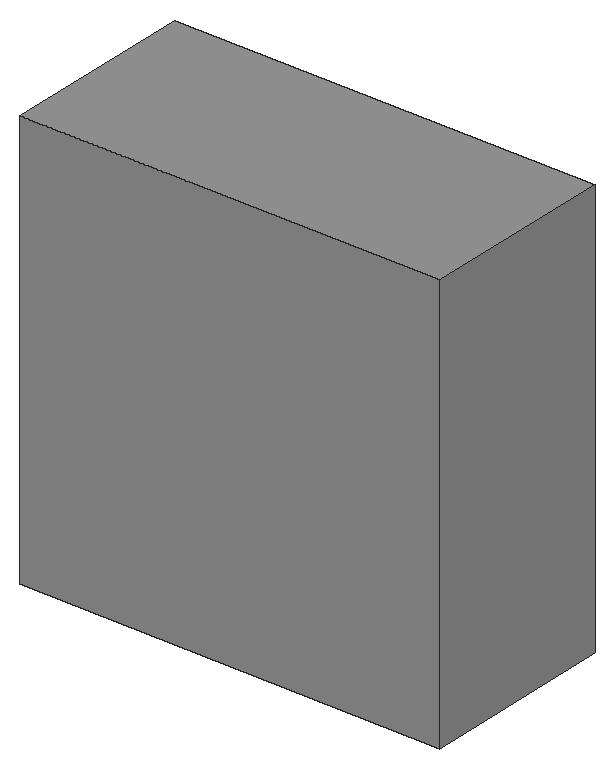
Revit family "BM_Druckknopfmelder_V1700", category Brandmelder, Revit 2017
Family settings
  Beschriftungsausrichtung beibehalten = Nein
  Bemaßung runder Anschluss = Durchmesser verwenden
  Teiletyp = Normal
  OmniClass-Nummer = 23.80.00.00
  OmniClass-Titel = Electric Power and Lighting
  Arbeitsebenenbasiert = Nein
  Immer vertikal = Ja
  Beim Laden mit Abzugskörper schneiden = Ja
  Gemeinsam genutzt = Nein
  Raumberechnungspunkt = Nein
Parameters (values of type "Druckknopfmelder_BM")
  pbr_Material_KZ = ""
  pbr_Material = none
  pbr_E_Typ = ""
  pbr_E_KZ = ""
  pbr_DINBild = 0
  pbr_Bild = 0
  pbr_3Dx_Delta_Korrekturversatz [instance] = 0 mm
  pbr_3DX_Versatzfaktor [instance] = 0
  pbr_2DY_Versatzfaktor [instance] = 0
  pbr_2DX_Versatzfaktor [instance] = 0
  lfd_STRK [instance] = 0
  Zentrale [instance] = ""
  Winkel [instance] = 0.00°
  Typ [instance] = ""
  Tiefe = 37 mm
  Text3 [instance] = ""
  Text2 [instance] = ""
  Text1 [instance] = ""
  Spannung [instance] = 0
  Scheinleistung [instance] = 0 VA
  Polig [instance] = 1
  Planungsbüro Osnabrück = "www.pbr.de"
  Netzart = ""
  Nennstrom [instance] = 0
  Menge (Dosenzahl) [instance] = 1
  Loop [instance] = ""
  Linie/Anschluss [instance] = ""
  Leistungsfaktor [instance] = 0
  Lastklassifizierung = none
  Installationsart = ""
  Info [instance] = ""
  Gewerk [instance] = "Brandmelder"
  Druckknopfmelder (RWA) = no
  Druckknopfmelder (BMA) = yes
  Länge = Breite  # 80 mm
  Eckversatz [instance] = 0 mm
  YFrontversatz [instance] = if(pbr_2DY_Versatzfaktor = 300, 0 mm, pbr_2DY_Versatzfaktor * 300 mm)  # 0 mm
  XSeitenversatz [instance] = if(pbr_2DX_Versatzfaktor = 0, 3000 mm, 3000 mm + (pbr_2DX_Versatzfaktor * 300 mm)) + Eckversatz  # 3000 mm
  X3Dversatz [instance] = if([3DX_Versatzkontrolle] = 0, 2000 mm, 2000 mm + ([3DX_Versatzkontrolle] * (300 mm - Breite))) + pbr_3Dx_Delta_Korrekturversatz  # 2000 mm
  Niveau [instance] = 1200 mm
  Bus [instance] = ""
  Breite = 80 mm
  Betriebsstrom ruhe [instance] = 0
  Betriebsstrom max [instance] = 0
  3DX_Versatzkontrolle [instance] = if(pbr_3DX_Versatzfaktor = 0, (pbr_2DX_Versatzfaktor * -1), (((-1 * pbr_3DX_Versatzfaktor) + pbr_2DX_Versatzfaktor) * -1))  # 0
Types (2, lengths in mm): name | Gewerk | Druckknopfmelder (RWA) | Druckknopfmelder (BMA)
  Druckknopfmelder_RWA | "RWA" | yes | no
  Druckknopfmelder_BM | "Brandmelder" | no | yes
Reference planes
  plane 1 "Mitte (Vorne/Hinten)": y = 0
  plane 2: z = 0
  plane 3 "Mitte (Links/Rechts)": x = 22.5
  plane 4: x = -127.5
  plane 5: x = 172.5
  plane 6: y = 300
  plane 7 "Schalterhinten": y = 0
  plane 8: x = -2977.5
  plane 9: x = 22.5
  plane 10: x = -1977.5
  plane 11: x = -17.5
  plane 12: x = 62.5
  plane 13: z = 1240
  plane 14: z = 1160
  plane 15 "SchalterVorne": y = 37
  plane 16 "3DMitte": x = 22.5
  plane 17 "Achse": z = 1200
  plane 18: z = 1197.5
  plane 19: z = 1202.5
  plane 20 "2DMitte": y = 150
Forms (mm)
  Extrusion 1, solid, material "Stahl, Edelstahl"
    sketch origin (0, 20, 0) x (0, 0, 1) y (-1, 0, 0)
      loop
        line (1160, 17.5) -> (1160, -62.5) -> (1240, -62.5) -> (1240, 17.5) -> (1160, 17.5)
    from -17 to 20
Dimensions and locks
  locked: plane 6 to plane 7 "Schalterhinten" at 300
  "XSeitenversatz": plane 8 to plane 9
  plane 8 to plane 3 "Mitte (Links/Rechts)" = 3000 mm
  "YFrontversatz": plane 1 "Mitte (Vorne/Hinten)" to plane 7 "Schalterhinten"
  "Breite": plane 12 to plane 11
  "Länge": plane 13 to plane 14
  plane 9 to plane 10 = 2000 mm
  equal spacing: plane 12, plane 16 "3DMitte", plane 11
  "X3Dversatz": plane 16 "3DMitte" to plane 10
  equal spacing: plane 13, plane 17 "Achse", plane 14
  "Niveau": plane 17 "Achse" to level
  "Tiefe": plane 15 "SchalterVorne" to plane 1 "Mitte (Vorne/Hinten)"
  plane 13 to plane 18 = 42.5 mm
  plane 19 to plane 14 = 42.5 mm
  equal spacing: plane 4, plane 9, plane 5, locked at 150 each
  locked: plane 4 to plane 5 at 300
  equal spacing: plane 6, plane 20 "2DMitte", plane 7 "Schalterhinten", locked at 150 each
  aligned and locked: level to plane 2
  aligned and locked: Extrusion 1 sketch curve to plane 14
  aligned and locked: Extrusion 1 sketch curve to plane 11
  aligned and locked: Extrusion 1 sketch curve to plane 13
  aligned and locked: plane 12 to Extrusion 1 sketch curve
  aligned and locked: plane 1 "Mitte (Vorne/Hinten)" to Extrusion 1
  aligned and locked: Extrusion 1 to plane 15 "SchalterVorne"
  aligned and locked: nested 1 to plane 9
  aligned and locked: nested 1 to plane 7 "Schalterhinten"
  aligned and locked: nested 2 to plane 9
  aligned and locked: nested 2 to plane 7 "Schalterhinten"
Nested families
  nested 1: "Druckknopfmelder (BMA)" at (22.5, 0, 0), visible <- "Druckknopfmelder (BMA)", type "Druckknopfmelder (BMA)"
  nested 2: "Druckknopfmelder (RWA)" at (22.5, 0, 0), visible <- "Druckknopfmelder (RWA)", type "Druckknopfmelder (RWA)"
Connectors
  electrical at (22.5, 0, 1200)
    settings: on Extrusion 1, index 1, voltage 0 V, apparent load 0 VA, apparent load phase1 0 VA, apparent load phase2 0 VA, apparent load phase3 0 VA, power factor 1, load classification "Sonstige", number of poles 1, system type 11, power factor state 1, is connector primary yes, connector utility no, sub classification motor no, connector description ""
Definition of nested family "Druckknopfmelder (BMA)"
  Reference planes
    plane 1 "Mitte (Vorne/Hinten)": y = 0
    plane 2: z = 0
    plane 3 "Mitte (Links/Rechts)": x = 0
    plane 4: y = 0
    plane 5: x = 0
  Lines and regions (mm)
    Filled region 1, type "Beton", in view "Referenzebene"
      outline origin (597.812, -464.32, 0) x (1, 0, 0) y (0, 1, 0)
        loop
          circle (-597.812, 599.32) r 38.723
    detail lines, in view "Referenzebene"
      curve 1: line (-135, 270, 0) -> (-135, 0, 0)
      curve 2: line (-135, 0, 0) -> (135, 0, 0)
      curve 3: line (135, 0, 0) -> (135, 270, 0)
      curve 4: line (135, 270, 0) -> (-135, 270, 0)
      curve 5: line (-95, 230, 0) -> (-95, 40, 0)
      curve 6: line (-95, 40, 0) -> (95, 40, 0)
      curve 7: line (95, 40, 0) -> (95, 230, 0)
      curve 8: line (95, 230, 0) -> (-95, 230, 0)
Definition of nested family "Druckknopfmelder (RWA)"
  Reference planes
    plane 1 "Mitte (Vorne/Hinten)": y = 0
    plane 2: z = 0
    plane 3 "Mitte (Links/Rechts)": x = 0
    plane 4: x = 0
    plane 5: y = 0
  Lines and regions (mm)
    Filled region 1, type "Beton", in view "Referenzebene"
      outline origin (-706.727, -315.403, 0) x (1, 0, 0) y (0, 1, 0)
        loop
          circle (706.727, 450.403) r 45
    detail lines, in view "Referenzebene"
      curve 1: line (-135, 270, 0) -> (135, 270, 0)
      curve 2: line (135, 270, 0) -> (135, 0, 0)
      curve 3: line (135, 0, 0) -> (-135, 0, 0)
      curve 4: line (-135, 0, 0) -> (-135, 270, 0)
      curve 5: line (99, 85.5, 0) -> (-99, 85.5, 0)
      curve 6: line (-99, 85.5, 0) -> (-99, 184.5, 0)
      curve 7: line (-99, 184.5, 0) -> (99, 184.5, 0)
      curve 8: line (99, 184.5, 0) -> (99, 85.5, 0)
